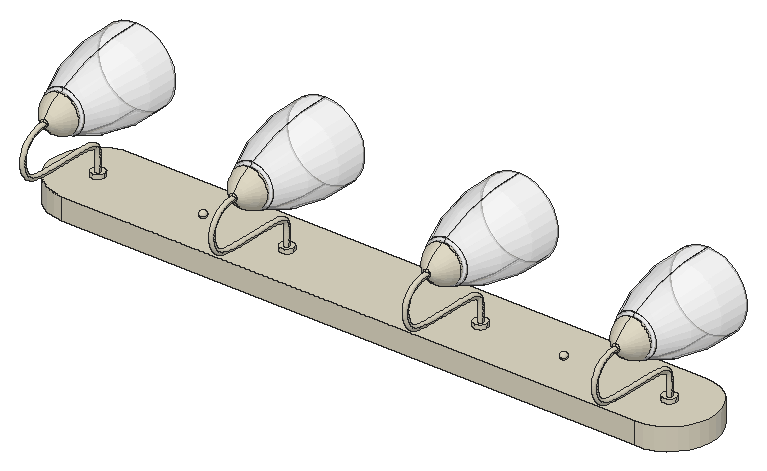
Revit family "P2709-09 4-100W MED BATH BRACKET", category Lighting Fixtures, host Face, Revit 2012
Parameters (values of type "P2709-09 4-100W MED BATH BRACKET")
  Wattage Comments = "100 W"  # constant formula
  URL = "http://www.progresslighting.com/"
  Product Page URL = "http://www.progresslighting.com/products.aspx?product=P2709-09"
  Product Documentation Link = "http://www.progresslighting.com/SpecSheets/P2709.pdf"
  Mounting = "Wall Mount"  # constant formula
  Model = "P2709-09"  # constant formula
  Manufacturer Phone = "864-678-1000"  # constant formula
  Manufacturer Fax = "864-678-1065"  # constant formula
  Manufacturer = "Progress Lighting"  # constant formula
  Lamp = "Four"  # constant formula
  Glass = Ethed Glass Shade
  Description = "Four-light bath"  # constant formula
  Default Elevation = 48"
  Back Plate = Plated Brushed Nickel
Reference planes (in)
  plane 1 "Center (Front/Back)": y = 0
  plane 2: z = 0
  plane 3 "Center (Left/Right)": x = 0
  plane 4: x = -15
  plane 5: x = 15
  plane 6: y = 2
  plane 7: y = -1.992
  plane 8: z = 1
  plane 9: y = -4.38311
Forms (in)
  Extrusion 1, solid, material "Plated Brushed Nickel" <- "Back Plate"
    sketch origin (0, 0.53536, 0) x (1, 0, 0) y (0, 1, 0)
      loop
        arc (-13.003, 1.46493) -> (-14.99899, -0.53107) -> (-13.003, -2.52707) r 1.996
        line (-13.003, -2.52707) -> (13.00431, -2.52707)
        arc (13.00431, -2.52707) -> (15.00031, -0.53107) -> (13.00431, 1.46493) r 1.996
        line (13.00431, 1.46493) -> (-13.003, 1.46493)
    from 0 to 1
  Revolve 2, solid, material "Plated Brushed Nickel" <- "Back Plate"
    sketch origin (-0.09181, -0.00139, 1.08723) x (1, 0, 0) y (0, 1, 0)
      loop
        arc (-8.10963, -0.13694) -> (-7.95963, 0.01306) -> (-8.10963, 0.16306) r 0.15
        line (-8.10963, 0.16306) -> (-8.10963, -0.13694)
      axis (-8.10963, -0.13694) -> (-8.10963, 0.16306)
    angle from 0 to 360
  Revolve 3, solid, material "Plated Brushed Nickel" <- "Back Plate"
    sketch origin (16.63867, -0.00139, 1.08725) x (1, 0, 0) y (0, 1, 0)
      loop
        arc (-8.43867, -0.1474) -> (-8.29127, 0) -> (-8.43867, 0.1474) r 0.1474
        line (-8.43867, 0.1474) -> (-8.43867, -0.1474)
      axis (-8.43867, -0.1474) -> (-8.43867, 0.1474)
    angle from 0 to 360
Dimensions and locks (in)
  plane 4 to plane 3 "Center (Left/Right)" = 15"  (x2)
  plane 5 to plane 3 "Center (Left/Right)" = 15"
  plane 6 to plane 1 "Center (Front/Back)" = 2"
  locked: plane 8 to plane 2 at 1
  Extrusion 1 sketch curve to plane 4 = 1.997"
  Extrusion 1 sketch curve to plane 1 "Center (Front/Back)" = 2.00028"
  Extrusion 1 sketch curve to Extrusion 1 sketch curve = 26.0073"  (x2)
  plane 7 to Extrusion 1 sketch curve = 3.99228"
  locked: plane 1 "Center (Front/Back)" to Extrusion 1 at 2.00028  (x2)
  plane 1 "Center (Front/Back)" to Extrusion 1 = 2.00028"
  plane 6 to Extrusion 1 sketch curve = 3.99171"
  locked: Extrusion 1 sketch curve to Extrusion 1 sketch curve at 3.992
  plane 6 to Extrusion 1 sketch curve = 0.00028"
  plane 9 to plane 1 "Center (Front/Back)" = 4.38311"
  locked: plane 9 to Extrusion 1 at 2.3914
  nested 1 to plane 1 "Center (Front/Back)" = 1.05008"
  nested 2 to plane 1 "Center (Front/Back)" = 1.0562"
  nested 1 to plane 3 "Center (Left/Right)" = 13"
  nested 3 to plane 1 "Center (Front/Back)" = 1.05646"
  nested 4 to plane 5 = 2"
  locked: nested 4 to plane 1 "Center (Front/Back)" at 1.06
  locked: Revolve 3 sketch curve to Revolve 3 sketch curve at 0.35175
  plane 3 "Center (Left/Right)" to Revolve 3 sketch curve = 8.2"
  Revolve 2 sketch curve to plane 3 "Center (Left/Right)" = 8.20143"
  locked: Revolve 2 sketch curve to plane 9 at 4.23278
  locked: Revolve 2 sketch curve to Revolve 2 sketch curve at 0.3931
  locked: Revolve 2 sketch curve to plane 4 at 6.79857
  nested 1 to nested 4 = 26"
  locked: nested 1 to nested 2 at 8.6
  locked: nested 2 to nested 3 at 8.8
  radius of Extrusion 1 sketch curve = 1.996"  (x2)
  radius of Revolve 2 sketch curve = 0.15"
  aligned and locked: plane 2 to host face
  aligned and locked: level to host face
  aligned and locked: plane 8 to Extrusion 1
  aligned and locked: Extrusion 1 to host face
Nested families (in)
  nested 1: "P2706_inverted" at (-13, -1.05008, 1), type "P2706_inverted"
  nested 2: "P2706_inverted" at (-4.4, -1.0562, 1), type "P2706_inverted"
  nested 3: "P2706_inverted" at (4.4, -1.05646, 1), type "P2706_inverted"
  nested 4: "P2706_inverted" at (13, -1.06, 1), type "P2706_inverted"
Connectors (in)
  electrical at (0.00066, 0.00429, 0)
    settings: on Extrusion 1, index 1, voltage 0 V, apparent load 0 VA, apparent load phase1 0 VA, apparent load phase2 0 VA, apparent load phase3 0 VA, power factor 1, load classification "Other", number of poles 1, system type 31, power factor state 1, is connector primary yes, connector utility no, sub classification motor no, connector description ""
Definition of nested family "P2706_inverted"
  Parameters (values of type "P2706_inverted")
    Wattage = 9.2903 W
    built-in parameter 1150110 = 1 (stored number, unit not read)
    built-in parameter 1114217 = 1 (stored number, unit not read)
    built-in parameter 1150109 = 1 (stored number, unit not read)
    built-in parameter 1150134 = 3
    built-in parameter 1150113 = 1 (stored number, unit not read)
    built-in parameter 1150105 = 109.82 (stored number, unit not read)
    Lumens = 1380 lm
    built-in parameter 1150115 = 1 (stored number, unit not read)
    Light Source Symbol Size = 3"
    built-in parameter 1150137 = (empty or 0)
    built-in parameter 1150139 = (empty or 0)
    built-in parameter 1150112 = 1 (stored number, unit not read)
    built-in parameter 1150114 = 1 (stored number, unit not read)
    built-in parameter 1150132 = (empty or 0)
    built-in parameter 1150102 = (empty or 0)
    built-in parameter 1150107 = 3200 (stored number, unit not read)
    built-in parameter 1150138 = (empty or 0)
    built-in parameter 1150106 = 1.0982 (stored number, unit not read)
    Glass = Ethed Glass Shade
    built-in parameter 1150104 = 13.8 (stored number, unit not read)
    Dimming Lamp Color Temperature Shift = (empty or 0)
    Default Elevation = 48"
    Color Filter = 16777215
    built-in parameter 1114218 = 1 (stored number, unit not read)
    Back Plate = none
    built-in parameter 1150133 = 10 (stored number, unit not read)
  Reference planes (in)
    plane 1 "Center (Front/Back)": y = 0
    plane 2: z = -1.32579
    plane 3 "Center (Left/Right)": x = 0
    plane 4: z = 5.17421
    plane 5: z = 1.83809
    plane 6: y = -0.97098
    plane 7: z = 5.16387
    plane 8: z = 3.42421
  Forms (in)
    Extrusion 1, solid
      sketch origin (0, 0, 0) x (1, 0, 0) y (0, 1, 0)
        loop
          line (-48, 48) -> (-48, -48) -> (48, -48) -> (48, 48) -> (-48, 48)
      from -1.32579 to -12
    Extrusion 2, solid, material <- "Back Plate"
      sketch origin (0, 0.05805, 0) x (-1, 0, 0) y (0, -1, 0)
        loop
          circle (-0.01972, -0.99512) r 0.3
      from 0 to 0.16387
    Sweep 3, solid, material <- "Back Plate"
      path origin (0, 0.1246, 0) x (0, -1, 0) y (0, 0, 1)
        loop
          spline (-0.92936, 0.16387) -> (-0.9305, 0.83136) -> (-0.73341, 1.28118) -> (-0.14975, 1.40768) -> (0.57246, 1.42309) -> (1.27196, 1.42516) -> (1.8772, 1.42987) -> (2.42911, 1.46258) -> (2.93419, 1.60051) -> (3.27733, 2.01163) -> (3.31266, 2.65062) -> (2.88802, 3.20254) -> (2.09345, 3.42421)
      profile origin (0, -1.7526, 1.42987) x (0, 0.024605, 0.999697) y (-1, 0, 0)
        loop
          circle (0, -0.02216) r 0.10287
    Revolve 4, solid, material "Ethed Glass Shade" <- "Glass"
      sketch origin (0, -0.12045, -1.32579) x (0, -1, 0) y (0, 0, 1)
        loop
          arc (-3.42574, 2.96847) -> (-1.28591, 3.09533) -> (0.74175, 3.79073) r 7.92917
          arc (0.74175, 3.79073) -> (0.82115, 3.86355) -> (0.85053, 3.96719) r 0.19752
          line (0.85053, 3.96719) -> (0.85053, 4.75) -> (0.80053, 4.75) -> (0.80053, 3.96826)
          arc (0.80053, 3.96826) -> (0.77833, 3.88993) -> (0.71832, 3.83491) r 0.14926
          arc (0.71832, 3.83491) -> (-1.298, 3.14391) -> (-3.42574, 3.01862) r 7.87917
          line (-3.42574, 3.01862) -> (-3.42574, 2.96847)
        axis (0.85053, 4.75) -> (-3.42574, 4.75)
      angle from 0 to 360
    Revolve 5, solid, material <- "Back Plate"
      sketch origin (0, -0.10456, 0) x (0, -1, 0) y (0, 0, 1)
        loop
          line (1.9006, 3.42421) -> (0.86641, 3.42421) -> (0.86641, 2.59003) -> (0.97372, 2.571)
          arc (0.97372, 2.571) -> (1.47824, 2.84497) -> (1.86429, 3.2699) r 1.71757
          arc (1.86429, 3.2699) -> (1.89041, 3.28636) -> (1.9006, 3.3155) r 0.04679
          line (1.9006, 3.3155) -> (1.9006, 3.42421)
        axis (1.9006, 3.42421) -> (0.86641, 3.42421)
      angle from 0 to 360
  Lines and regions (in)
    model lines
      curve 1: line (0, -2.00516, 3.42463) -> (0, -2.00516, 3.3155)
      curve 2: arc (0, -2.00516, 3.3155) -> (0, -2.01535, 3.28636) -> (0, -2.04147, 3.2699) r 0.04679
  Dimensions and locks (in)
    plane 5 to plane 4 = 3.33613"
    Extrusion 1 to plane 4 = 6.5"
    radius of Extrusion 2 sketch curve = 0.3"
    aligned and locked: plane 2 to Extrusion 1
    aligned and locked: Extrusion 2 to level
    aligned and locked: plane 3 "Center (Left/Right)" to imposter light
    aligned and locked: plane 6 to Revolve 4 sketch curve
    aligned and locked: plane 8 to Sweep 3
    aligned and locked: Revolve 5 sketch curve to curve 1
    aligned and locked: Revolve 5 sketch curve to plane 8
    aligned and locked: Revolve 5 sketch curve to Revolve 5 sketch curve
    aligned and locked: plane 8 to Sweep 3 sketch curve
    aligned and locked: Sweep 3 sketch curve to Extrusion 2
    aligned and locked: imposter light to plane 8
